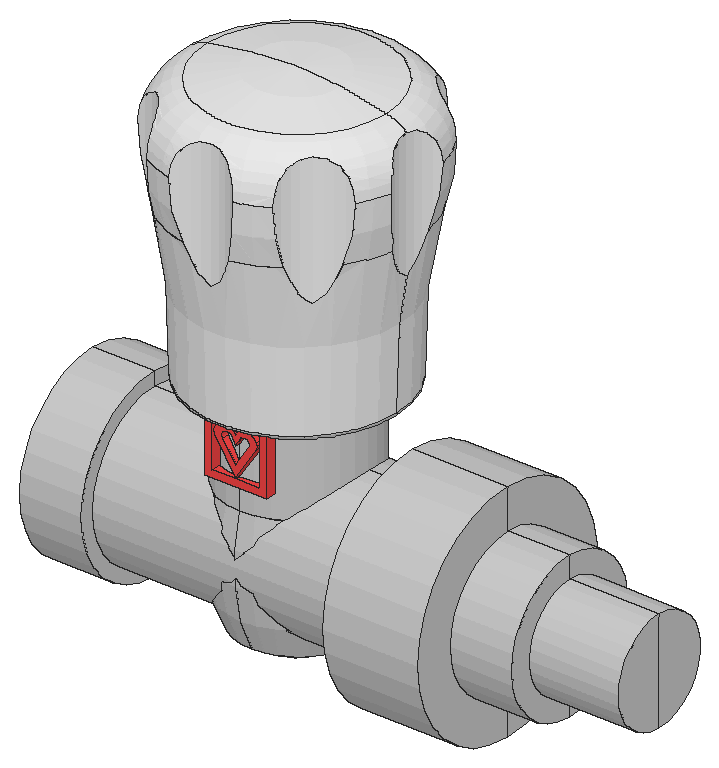
Revit family "GP Radiator Control Valve Straight Model 5523", category Rohrzubehör, Revit 2019
Family settings
  Bemaßung runder Anschluss = Durchmesser verwenden
  Teiletyp = Unterbricht
  OmniClass-Nummer = 23.65.55.14
  OmniClass-Titel = Valves for Liquid Services
  Arbeitsebenenbasiert = Nein
  Immer vertikal = Ja
  Beim Laden mit Abzugskörper schneiden = Nein
  Gemeinsam genutzt = Nein
Parameters
  W01 = 60.00°  # constant formula
  URL = "www.herzvalves.com"
  SCRNSEQ = "ARM;ARM_TYP=\"ALLF\";2"
  SCRNCODE = "05;00;02"  # constant formula
  S04 = 45.000 mm  # constant formula
  S03 = 61.000 mm  # constant formula
  S02 [instance] = L05 + L06 + L07  # 53.300 mm
  S01 = 10.000 mm  # constant formula
  R05 = 25.000 mm  # constant formula
  R04 = 2.000 mm  # constant formula
  R03 = 28.000 mm  # constant formula
  R02 = 11.500 mm  # constant formula
  R01 = 10.500 mm  # constant formula
  Part number [instance] = size_lookup("5523_", "Artnr", 0, Nennweite)  # 1552321
  Nennweite [instance] = 15.000 mm
  Model = "These universal models are nickel-plated and equipped with special sockets for threaded pipe and compression union connections."
  Medium = "Hot water quality according to Austrian standard ÖNORM H 5195 and/or VDI guideline 2035."
  Max. operating temperature = 110 °C  # constant formula
  Max. operating pressure = 1000000.0 Pa  # constant formula
  LO1 = 10.500 mm  # constant formula
  L07 [instance] = size_lookup("5523_", "L7", 1.000 mm, Nennweite)  # 22.300 mm
  L06 [instance] = size_lookup("5523_", "L6", 1.000 mm, Nennweite)  # 14.000 mm
  L05 [instance] = L02 - L04  # 17.000 mm
  L04 [instance] = size_lookup("5523_", "L4", 1.000 mm, Nennweite)  # 8.000 mm
  L03 [instance] = size_lookup("5523_", "L3", 1.000 mm, Nennweite)  # 9.000 mm
  L02 [instance] = size_lookup("5523_", "L2", 1.000 mm, Nennweite)  # 25.000 mm
  L01 [instance] = size_lookup("5523_", "L1", 1.000 mm, Nennweite)  # 30.000 mm
  Hersteller = "HERZ Armaturen Ges.m.b.H."  # constant formula
  Hand wheel = "plastic, white"  # constant formula
  H02 = 25.500 mm  # constant formula
  H01 = 17.000 mm  # constant formula
  GTI [instance] = size_lookup("5523_", "GT1", 1.000 mm, Nennweite)  # 13.200 mm
  GT [instance] = size_lookup("5523_", "GT", 1.000 mm, Nennweite)  # 9.500 mm
  G2 [instance] = Nennweite / 2  # 7.500 mm
  G1 [instance] = Nennweite / 2  # 7.500 mm
  D05 [instance] = size_lookup("5523_", "D5", 1.000 mm, Nennweite)  # 10.650 mm
  D04 [instance] = size_lookup("5523_", "D4", 1.000 mm, Nennweite)  # 16.500 mm
  D03 [instance] = size_lookup("5523_", "D3", 1.000 mm, Nennweite)  # 9.525 mm
  D02 [instance] = size_lookup("5523_", "D2", 1.000 mm, Nennweite)  # 11.500 mm
  D01 [instance] = size_lookup("5523_", "D1", 1.000 mm, Nennweite)  # 13.500 mm
  Body = "nickel-plated"  # constant formula
Reference planes
  plane 1 "Mitte (Vorne/hinten)": y = 0
  plane 2: z = 0
  plane 3 "Mitte (Links/rechts)": x = 0
Forms (mm)
  Revolve 1, solid, material "Messing, weicher Gelbton, geschweißt", detail levels fine
    sketch origin (0, 0, 0) x (1, 0, 0) y (0, 0, 1)
      loop
        line (-20.5, 0) -> (25, 0) -> (25, 9.525) -> (17, 9.525) -> (17, 11.5) -> (-21, 11.5) -> (-21, 13.5) -> (-30, 13.5) -> (-30, 7.5) -> (-20.5, 7.5) -> (-20.5, 0)
      axis (-30, 0) -> (25, 0)
    angle from 0 to 360
  Revolve 2, solid, material "Messing, weicher Gelbton, geschweißt", detail levels fine
    sketch origin (0, 0, 0) x (0, 1, 0) y (0, 0, 1)
      loop
        line (0, 25.5) -> (-10.5, 25.5) -> (-10.5, 7)
        arc (-10.5, 7) -> (-11.341, -2.816) -> (-8.325, -12.194) r 25
        line (-8.325, -12.194) -> (0, -17) -> (0, 25.5)
      axis (0, -17) -> (0, 25.5)
    angle from 0 to 360
  Revolve 3, solid, material "Messing, weicher Gelbton, geschweißt", detail levels fine
    sketch origin (0, 0, 0) x (1, 0, 0) y (0, 0, 1)
      loop
        line (25, 0) -> (53.3, 0) -> (53.3, 7.5) -> (40.1, 7.5) -> (40.1, 10.65) -> (31, 10.65) -> (31, 16.5) -> (17, 16.5) -> (17, 9.525) -> (25, 9.525) -> (25, 0)
      axis (17, 0) -> (53.3, 0)
    angle from 0 to 360
Lines and regions (mm)
  model lines, detail levels coarse+medium
    curve 1: line (-30, 0, 13.5) -> (-30, 0, -13.5)
    curve 2: line (-30, 0, -13.5) -> (30, 0, 13.5)
    curve 3: line (30, 0, 13.5) -> (30, 0, -13.5)
    curve 4: line (30, 0, -13.5) -> (-30, 0, 13.5)
    curve 5: line (30, 0, 13.5) -> (40, 0, 13.5)
    curve 6: line (40, 0, 13.5) -> (30, 0, 0)
    curve 7: line (30, 0, -13.5) -> (40, 0, -13.5)
    curve 8: line (40, 0, -13.5) -> (30, 0, 0)
    curve 9: line (30, 0, 0) -> (53.3, 0, 0)
    curve 10: line (0, 0, 0) -> (0, 0, 61)
    curve 11: line (-22.5, 0, 61) -> (22.5, 0, 61)
    curve 12: line (-30, 13.5, 0) -> (-30, -13.5, 0)
    curve 13: line (-30, -13.5, 0) -> (30, 13.5, 0)
    curve 14: line (30, 13.5, 0) -> (30, -13.5, 0)
    curve 15: line (30, -13.5, 0) -> (-30, 13.5, 0)
    curve 16: line (0, 0, 0) -> (0, 61, 0)
    curve 17: line (-22.5, 61, 0) -> (22.5, 61, 0)
    curve 18: line (30, 13.5, 0) -> (40, 13.5, 0)
    curve 19: line (40, 13.5, 0) -> (30, 0, 0)
    curve 20: line (30, -13.5, 0) -> (40, -13.5, 0)
    curve 21: line (40, -13.5, 0) -> (30, 0, 0)
Dimensions and locks
  "L01": Revolve 1 sketch curve to plane 3 "Mitte (Links/rechts)"
  "L02": Revolve 1 sketch curve to plane 3 "Mitte (Links/rechts)"
  "G1": Revolve 1 sketch curve to plane 2
  "GT": Revolve 1 sketch curve to Revolve 1 sketch curve
  "D01": Revolve 1 sketch curve to Revolve 1 sketch curve
  "D02": Revolve 1 sketch curve to Revolve 1 sketch curve
  "D03": Revolve 1 sketch curve to Revolve 1 sketch curve
  "L03": Revolve 1 sketch curve to Revolve 1 sketch curve
  "L04": Revolve 1 sketch curve to Revolve 1 sketch curve
  "H01": plane 2 to Revolve 2 sketch curve
  "H02": Revolve 2 sketch curve to plane 2
  "R01": Revolve 2 sketch curve to plane 1 "Mitte (Vorne/hinten)"
  "R02": Revolve 2 sketch curve to plane 1 "Mitte (Vorne/hinten)"
  "D03": Revolve 3 sketch curve to plane 2
  "L04": Revolve 3 sketch curve to Revolve 3 sketch curve
  "L05": Revolve 3 sketch curve to plane 3 "Mitte (Links/rechts)"
  "L06": Revolve 3 sketch curve to Revolve 3 sketch curve
  "L07": Revolve 3 sketch curve to Revolve 3 sketch curve
  "D04": Revolve 3 sketch curve to Revolve 3 sketch curve
  "G2": Revolve 3 sketch curve to Revolve 3 sketch curve
  "D05": Revolve 3 sketch curve to Revolve 3 sketch curve
  "GTI": Revolve 3 sketch curve to Revolve 3 sketch curve
  "LO1": nested 2 to plane 2
  "LO1": nested 1 to nested 2
  "D01": curve 4 to plane 2 to curve 2
  "D01": curve 3 to plane 2 to curve 4
  "L01": curve 1 to plane 3 "Mitte (Links/rechts)" to curve 3
  "S01": curve 3 to curve 6
  "S02": curve 9 to plane 3 "Mitte (Links/rechts)"
  "S03": curve 10 to plane 2
  equal spacing: curve 11, curve 10, curve 11
  "S04": curve 11 to curve 11
  "L01": curve 12 to plane 3 "Mitte (Links/rechts)" to curve 14
  "D01": curve 13 to plane 1 "Mitte (Vorne/hinten)" to curve 15
  "D01": curve 15 to plane 1 "Mitte (Vorne/hinten)" to curve 14
  "S03": plane 1 "Mitte (Vorne/hinten)" to curve 16
  equal spacing: curve 17, plane 3 "Mitte (Links/rechts)", curve 17
  "S04": curve 17 to curve 17
  "S01": curve 14 to curve 19
  "S01": curve 14 to curve 21
  "R05": radius of Revolve 2 sketch curve
  "W01": angle Revolve 2 sketch curve to Revolve 2 sketch curve
  aligned and locked: level to plane 2
Automatic sketch dimensions
  curve 10 to level = 0.000 mm
  curve 9 to level = 0.000 mm
  curve 3 to curve 7 = 10.000 mm
  curve 16 to plane 3 "Mitte (Links/rechts)" = 0.000 mm
  plane 1 "Mitte (Vorne/hinten)" to curve 19 = 0.000 mm
  Revolve 1 sketch curve to level = 0.000 mm  (x2)
  Revolve 1 sketch curve to Revolve 1 sketch curve = 1436.530 mm
  Revolve 1 sketch curve to Revolve 1 sketch curve = 1779.148 mm
  Revolve 2 sketch curve to plane 1 "Mitte (Vorne/hinten)" = 0.000 mm  (x2)
  Revolve 2 sketch curve to level = 0.000 mm
  Revolve 2 sketch curve to Revolve 2 sketch curve = 98.333 mm
  Revolve 2 sketch curve to Revolve 2 sketch curve = 1236.335 mm
  Revolve 3 sketch curve to level = 0.000 mm  (x2)
  Revolve 3 sketch curve to plane 3 "Mitte (Links/rechts)" = 1506.530 mm
  Revolve 3 sketch curve to Revolve 3 sketch curve = 1789.648 mm
Nested families
  nested 1: "Handrad-Heizkörperventile" at (0, 0, 20), type "Handrad-Heizkörperventile", detail levels fine
  nested 2: "Herz-Logo-vorne" at (0, -10.5, 15) x (0, 1, 0) z (0, 0, 1), type "Herz-Logo-vorne", detail levels fine
Connectors
  piping at (-20.5, 0, 0), diameter 15, driven by "Nennweite"
    settings: on Revolve 1, index 1, connector inside diameter 609.6 mm, connector length 0.000 mm, flow factor 0, pipe flow 0.0 L/s, pressure drop 0.0 Pa, fitting loss kfactor 0, connector angle 0.00°, fixture units 0, engagement length 0.000 mm, angle of deflection 0.00°, flow configuration 0, flow direction 1, fitting loss method 0, system type 7, joint type 0, gender type 0, connector reference index -1, connector utility 0, adjustable connector no, is connector primary yes, connector description ""
  piping at (53.3, 0, 0), diameter 15, driven by "Nennweite"
    settings: on Revolve 3, index 2, connector inside diameter 609.6 mm, connector length 0.000 mm, flow factor 0, pipe flow 0.0 L/s, pressure drop 0.0 Pa, fitting loss kfactor 0, connector angle 0.00°, fixture units 0, engagement length 0.000 mm, angle of deflection 0.00°, flow configuration 0, flow direction 2, fitting loss method 0, system type 7, joint type 0, gender type 0, connector reference index -1, connector utility 0, adjustable connector no, is connector primary no, connector description ""
Definition of nested family "Handrad-Heizkörperventile"
  Parameters (values of type "Handrad-Heizkörperventile")
    T01 = 5.500 mm  # constant formula
    R01 = 10.500 mm  # constant formula
  Reference planes
    plane 1 "Mitte (Vorne/hinten)": y = 0
    plane 2: z = 0
    plane 3 "Mitte (Links/rechts)": x = 0
  Forms (mm)
    Revolve 1, solid, detail levels fine
      sketch origin (0, 0, 0) x (1, 0, 0) y (0, 0, 1)
        loop
          line (10.5, 0) -> (14.25, 0)
          arc (14.25, 0) -> (14.604, 0.146) -> (14.75, 0.5) r 0.5
          arc (14.75, 0.5) -> (15.098, 12.356) -> (17.195, 24.03) r 80
          arc (17.195, 24.03) -> (18.172, 28.281) -> (18.5, 32.63) r 29
          arc (18.5, 32.63) -> (17.011, 36.946) -> (13.177, 39.426) r 7
          arc (13.177, 39.426) -> (6.637, 40.626) -> (0, 41.028) r 55
          line (0, 41.028) -> (0, 5.5) -> (10.5, 5.5) -> (10.5, 0)
        axis (0, 41.028) -> (0, 0)
      angle from 0 to 360
    Extrusion 2, void
      sketch origin (0, 0, 0) x (1, 0, 0) y (0, 1, 0)
        loop
          arc (-16.011, 9.268) -> (-11.314, 11.314) -> (-9.268, 16.011) r 7
          arc (-9.268, 16.011) -> (-13.081, 13.081) -> (-16.011, 9.268) r 18.5
        loop
          arc (16.011, 9.268) -> (13.081, 13.081) -> (9.268, 16.011) r 18.5
          arc (9.268, 16.011) -> (11.314, 11.314) -> (16.011, 9.268) r 7
        loop
          arc (-16.011, -9.268) -> (-13.081, -13.081) -> (-9.268, -16.011) r 18.5
          arc (-9.268, -16.011) -> (-11.314, -11.314) -> (-16.011, -9.268) r 7
        loop
          arc (16.011, -9.268) -> (11.314, -11.314) -> (9.268, -16.011) r 7
          arc (9.268, -16.011) -> (13.081, -13.081) -> (16.011, -9.268) r 18.5
        loop
          arc (17.953, 4.58) -> (16.078, -0.188) -> (17.953, -4.956) r 7
          arc (17.953, -4.956) -> (18.578, -0.188) -> (17.953, 4.58) r 18.5
        loop
          arc (-17.953, 4.58) -> (-18.578, -0.188) -> (-17.953, -4.956) r 18.5
          arc (-17.953, -4.956) -> (-16.078, -0.188) -> (-17.953, 4.58) r 7
        loop
          arc (-4.58, 17.953) -> (0.188, 16.078) -> (4.956, 17.953) r 7
          arc (4.956, 17.953) -> (0.188, 18.578) -> (-4.58, 17.953) r 18.5
        loop
          arc (-4.58, -17.953) -> (0.188, -18.578) -> (4.956, -17.953) r 18.5
          arc (4.956, -17.953) -> (0.188, -16.078) -> (-4.58, -17.953) r 7
      from 15.609 to 43.011
  Cuts and joins
    Extrusion 2 cuts Revolve 1
  Dimensions and locks
    "R01": Revolve 1 sketch curve to Revolve 1 sketch curve
    Revolve 1 sketch curve to plane 3 "Mitte (Links/rechts)" = 14.750 mm
    "T01": Revolve 1 sketch curve to Revolve 1 sketch curve
    aligned and locked: level to plane 2
  Automatic sketch dimensions
    Extrusion 2 sketch curve to Extrusion 2 sketch curve = 0.000 mm  (x14)
    plane 1 "Mitte (Vorne/hinten)" to Extrusion 2 sketch curve = 0.000 mm
    Extrusion 2 sketch curve to plane 3 "Mitte (Links/rechts)" = 0.000 mm
    Extrusion 2 sketch curve to plane 3 "Mitte (Links/rechts)" = 0.078 mm
    Extrusion 2 sketch curve to plane 3 "Mitte (Links/rechts)" = 16.263 mm  (x2)
    plane 1 "Mitte (Vorne/hinten)" to Extrusion 2 sketch curve = 0.188 mm  (x2)
    Extrusion 2 sketch curve to Extrusion 2 sketch curve = 6.815 mm  (x4)
    plane 3 "Mitte (Links/rechts)" to Extrusion 2 sketch curve = 0.078 mm
    plane 3 "Mitte (Links/rechts)" to Extrusion 2 sketch curve = 0.188 mm  (x2)
    plane 1 "Mitte (Vorne/hinten)" to Extrusion 2 sketch curve = 0.078 mm
    Extrusion 2 sketch curve to Extrusion 2 sketch curve = 0.110 mm  (x2)
    Extrusion 2 sketch curve to plane 1 "Mitte (Vorne/hinten)" = 0.078 mm
    plane 3 "Mitte (Links/rechts)" to Extrusion 2 sketch curve = 16.263 mm  (x2)
    plane 1 "Mitte (Vorne/hinten)" to Extrusion 2 sketch curve = 16.263 mm  (x2)
    Extrusion 2 sketch curve to plane 1 "Mitte (Vorne/hinten)" = 16.263 mm  (x2)
    Extrusion 2 sketch curve to plane 3 "Mitte (Links/rechts)" = 4.580 mm  (x2)
    Extrusion 2 sketch curve to Extrusion 2 sketch curve = 4.688 mm  (x2)
    Extrusion 2 sketch curve to Extrusion 2 sketch curve = 0.252 mm  (x4)
    Extrusion 2 sketch curve to Extrusion 2 sketch curve = 1.942 mm  (x4)
    Extrusion 2 sketch curve to Extrusion 2 sketch curve = 4.312 mm  (x4)
    Revolve 1 sketch curve to plane 3 "Mitte (Links/rechts)" = 0.000 mm  (x2)
    Revolve 1 sketch curve to level = 0.000 mm
    Revolve 1 sketch curve to plane 3 "Mitte (Links/rechts)" = 10.500 mm
    plane 3 "Mitte (Links/rechts)" to Revolve 1 sketch curve = 11.500 mm
    Revolve 1 sketch curve to Revolve 1 sketch curve = 0.500 mm
    level to Revolve 1 sketch curve = 4.086 mm
    Revolve 1 sketch curve to Revolve 1 sketch curve = 79.920 mm
    Revolve 1 sketch curve to level = 13.972 mm
    Revolve 1 sketch curve to Revolve 1 sketch curve = 27.130 mm
    Revolve 1 sketch curve to Revolve 1 sketch curve = 8.398 mm
    Revolve 1 sketch curve to Revolve 1 sketch curve = 0.000 mm
    Revolve 1 sketch curve to Revolve 1 sketch curve = 1.305 mm
    Revolve 1 sketch curve to Revolve 1 sketch curve = 352.073 mm
    Revolve 1 sketch curve to Revolve 1 sketch curve = 2173.287 mm
Definition of nested family "Herz-Logo-vorne"
  Reference planes
    plane 1 "Mitte (Vorne/hinten)": y = 0
    plane 2: z = 0
    plane 3 "Mitte (Links/rechts)": x = 0
  Forms (mm)
    Extrusion 1, solid
      sketch origin (0.732, -0.018, 0.017) x (0, -1, 0) y (0, 0, 1)
        loop
          line (-0.018, -4.517) -> (4.482, -4.517) -> (4.482, 4.483) -> (-4.518, 4.483) -> (-4.518, -4.517) -> (-0.018, -4.517)
        loop
          line (-0.05, -3.48) -> (3.482, -3.48) -> (3.482, 3.483) -> (-3.518, 3.483) -> (-3.518, -3.48) -> (-0.05, -3.48)
        loop
          arc (-0.018, 2.383) -> (-1.543, 3.287) -> (-3.067, 2.383) r 1.738
          arc (-3.067, 2.383) -> (-3.191, 1.899) -> (-3.067, 1.415) r 1.009
          line (-3.067, 1.415) -> (-0.018, -3.281) -> (3.032, 1.415)
          arc (3.032, 1.415) -> (3.156, 1.899) -> (3.032, 2.383) r 1.009
          arc (3.032, 2.383) -> (1.507, 3.287) -> (-0.018, 2.383) r 1.738
        loop
          arc (1.885, 1.272) -> (2.005, 1.675) -> (1.885, 2.079) r 0.74
          arc (1.885, 2.079) -> (1.265, 2.416) -> (0.644, 2.079) r 0.74
          line (0.644, 2.079) -> (-0.018, 0.97) -> (-0.679, 2.079)
          arc (-0.679, 2.079) -> (-1.3, 2.416) -> (-1.921, 2.079) r 0.74
          arc (-1.921, 2.079) -> (-2.04, 1.675) -> (-1.921, 1.272) r 0.74
          line (-1.921, 1.272) -> (-0.018, -1.658) -> (1.885, 1.272)
      from 0 to 1.5
  Dimensions and locks
    aligned and locked: level to plane 2
